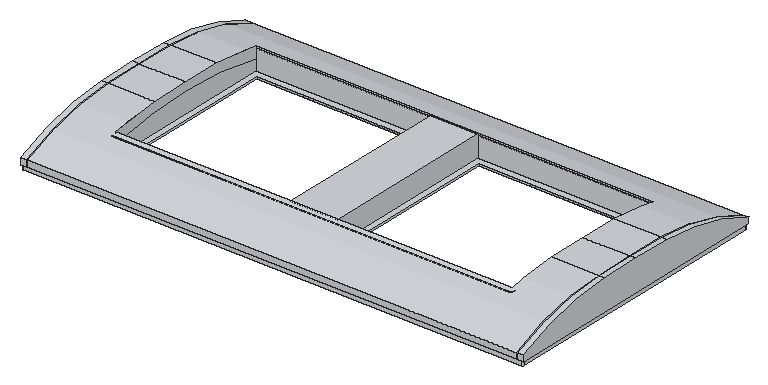
Revit family "Gira_0212763", category Electrical Fixtures, host Face, Revit 2017
Family settings
  Host = Face
  Maintain Annotation Orientation = No
  Round Connector Dimension = Use Diameter
  Part Type = Normal
  Cut with Voids When Loaded = No
  Shared = No
  Room Calculation Point = No
Parameters (values of type "Cov.fr. 2-g interm.fr. PW Gira Event Clear brown")
  With mounting grid = "No"
  With hinged lid = "No"
  URL = "http://katalog.gira.de/en/datenblatt.html?artikelnr=0212763"
  Type of fastening = "Clamp mounting"
  Transparent = "No"
  Surface protection = "Other"
  Surface finishing = "Glossy"
  Suitable for wall duct = "No"
  Suitable for flush-mounted installation = "Yes"
  Suitable for floor box = "No"
  Suitable for built-in installation = "No"
  Number of units vertical = "2"
  Number of units horizontal = "2"
  Number of units = "2"
  Name = "Cov.fr. 2-g interm.fr. PW Gira Event Clear brown"
  Mounting direction = "Horizontal and vertical"
  Material quality = "Thermoplastic"
  Material = "Plastic"
  Manufacturer URL = "https://www.gira.de/"
  Manufacturer = "Gira"
  Label space/information surface = "No"
  Keynote = ""
  HeinzeBIM = "https://bimportal.heinze.de/bim/cov-fr-2-g-interm-fr-pw-gira-event-clear-brown/bd4cec16ffc5d2152c9a732ce9024d697eb2c77d"
  Halogen free = "Yes"
  HAN = "0212763"
  GTIN = "4010337069362"
  Description = "Cov.fr.2g i.fr.PW EvCl BN,Gira Event Clear cover frame,brown with pure white glossy intermediate frame,2-gang,Features:,- Shatter-proof."
  Degree of protection (IP) = "IP20"
  Default Elevation = 1219.2 mm
  Data sheet (1) = "https://katalog.gira.de/en/download.html?artikelnr=0212763"
  Colour = "Brown"
  Category = "Cover frame for domestic switching devices"
  BIM (1) = "https://media.stage.bim.site/public/gira/36a6b08/Event_Rahmen_2fach.rfa"
  Available = "No"
Reference planes
  plane 1 "Center (Front/Back)": y = 0
  plane 2: z = 0
  plane 3 "Center (Left/Right)": x = 0
Forms (mm)
  Extrusion 1, solid, detail levels fine
    sketch origin (0, 0, 0.05) x (0, 1, 0) y (0, 0, 1)
      loop
        arc (12.445, 9.683) -> (6.223, 9.833) -> (0, 9.85) r 291.636
        arc (0, 9.85) -> (-6.223, 9.833) -> (-12.445, 9.683) r 291.636
        arc (-12.445, 9.683) -> (-29.14, 7.482) -> (-45, 1.823) r 79.728
        line (-45, 1.823) -> (-45, -0.05) -> (-42.086, -0.05)
        arc (-42.086, -0.05) -> (-21.385, 5.559) -> (0, 7.206) r 114.424
        arc (0, 7.206) -> (21.385, 5.559) -> (42.086, -0.05) r 114.424
        line (42.086, -0.05) -> (45, -0.05) -> (45, 1.823)
        arc (45, 1.823) -> (29.14, 7.482) -> (12.445, 9.683) r 79.728
    from -78.55 to 78.55
  Extrusion 2, void, detail levels fine
    sketch origin (0, 0, 0) x (1, 0, 0) y (0, 1, 0)
      loop
        line (-63.55, -27.937) -> (63.55, -27.937) -> (63.55, 28.063) -> (-63.55, 28.063) -> (-63.55, -27.937)
    from 0.724 to 11
  Extrusion 3, solid, detail levels coarse
    sketch origin (0, 0, 0) x (1, 0, 0) y (0, 1, 0)
      loop
        line (-80.55, 45) -> (-80.55, -45) -> (80.55, -45) -> (80.55, 45) -> (-80.55, 45)
    from -1.5 to 9.9
  Extrusion 4, solid, detail levels medium
    sketch origin (0, 0, 0.05) x (0, 1, 0) y (0, 0, 1)
      loop
        arc (12.445, 9.683) -> (6.223, 9.833) -> (0, 9.85) r 291.636
        arc (0, 9.85) -> (-6.223, 9.833) -> (-12.445, 9.683) r 291.636
        arc (-12.445, 9.683) -> (-29.14, 7.482) -> (-45, 1.823) r 79.728
        line (-45, 1.823) -> (-45, -0.05) -> (45, -0.05) -> (45, 1.823)
        arc (45, 1.823) -> (29.14, 7.482) -> (12.445, 9.683) r 79.728
    from -80.55 to 80.55
  Extrusion 5, solid, detail levels fine
    sketch origin (-35.55, 0, -1.5) x (0, 1, 0) y (0, 0, -1)
      loop
        line (45, -3.373) -> (45, -1.5) -> (-45, -1.5) -> (-45, -3.373)
        arc (-45, -3.373) -> (-29.14, -9.032) -> (-12.445, -11.233) r 79.728
        arc (-12.445, -11.233) -> (-6.223, -11.383) -> (0, -11.4) r 291.636
        arc (0, -11.4) -> (6.223, -11.383) -> (12.445, -11.233) r 291.636
        arc (12.445, -11.233) -> (29.14, -9.032) -> (45, -3.373) r 79.728
    from 43 to 45
  Extrusion 6, solid, detail levels fine
    sketch origin (0, 0, 0) x (1, 0, 0) y (0, 1, 0)
      loop
        line (-61.45, 25.7) -> (-61.45, -25.7) -> (-9.65, -25.7) -> (-9.65, 25.7) -> (-61.45, 25.7)
      loop
        line (61.45, -25.7) -> (61.45, 25.7) -> (9.65, 25.7) -> (9.65, -25.7) -> (61.45, -25.7)
      loop
        line (-64.445, 28.49) -> (-64.445, -28.495)
        spline (-64.445, -28.495) -> (-64.436, -28.625) -> (-64.411, -28.754) -> (-64.369, -28.878) -> (-64.311, -28.995) -> (-64.238, -29.104) -> (-64.152, -29.202) -> (-64.054, -29.288) -> (-63.945, -29.361) -> (-63.828, -29.419) -> (-63.704, -29.461) -> (-63.575, -29.486) -> (-63.445, -29.495)
        line (-63.445, -29.495) -> (63.445, -29.495)
        spline (63.445, -29.495) -> (63.575, -29.486) -> (63.704, -29.461) -> (63.828, -29.419) -> (63.945, -29.361) -> (64.054, -29.288) -> (64.152, -29.202) -> (64.238, -29.104) -> (64.311, -28.995) -> (64.369, -28.878) -> (64.411, -28.754) -> (64.436, -28.625) -> (64.445, -28.495)
        line (64.445, -28.495) -> (64.445, 28.49)
        spline (64.445, 28.49) -> (64.436, 28.62) -> (64.411, 28.748) -> (64.369, 28.872) -> (64.311, 28.99) -> (64.238, 29.098) -> (64.152, 29.197) -> (64.054, 29.283) -> (63.945, 29.356) -> (63.828, 29.413) -> (63.704, 29.456) -> (63.575, 29.481) -> (63.445, 29.49)
        line (63.445, 29.49) -> (-63.445, 29.49)
        spline (-63.445, 29.49) -> (-63.575, 29.481) -> (-63.704, 29.456) -> (-63.828, 29.413) -> (-63.945, 29.356) -> (-64.054, 29.283) -> (-64.152, 29.197) -> (-64.238, 29.098) -> (-64.311, 28.99) -> (-64.369, 28.872) -> (-64.411, 28.748) -> (-64.436, 28.62) -> (-64.445, 28.49)
    from 0.1 to 7.3
  Extrusion 7, solid
    sketch origin (0, 0, 0) x (1, 0, 0) y (0, 1, 0)
      loop
        arc (-80.25, -44.2) -> (-80.104, -44.554) -> (-79.75, -44.7) r 0.5
        line (-79.75, -44.7) -> (79.75, -44.7)
        arc (79.75, -44.7) -> (80.104, -44.554) -> (80.25, -44.2) r 0.5
        line (80.25, -44.2) -> (80.25, 44.2)
        arc (80.25, 44.2) -> (80.104, 44.554) -> (79.75, 44.7) r 0.5
        line (79.75, 44.7) -> (-79.75, 44.7)
        arc (-79.75, 44.7) -> (-80.104, 44.554) -> (-80.25, 44.2) r 0.5
        line (-80.25, 44.2) -> (-80.25, -44.2)
      loop
        line (-78.55, 43) -> (-78.55, -43) -> (78.55, -43) -> (78.55, 43) -> (-78.55, 43)
    from -1.5 to 0.5
  Extrusion 8, solid, detail levels fine
    sketch origin (35.55, 0, -1.5) x (0, 1, 0) y (0, 0, 1)
      loop
        arc (45, 3.373) -> (29.14, 9.032) -> (12.445, 11.233) r 79.728
        arc (12.445, 11.233) -> (6.223, 11.383) -> (0, 11.4) r 291.636
        arc (0, 11.4) -> (-6.223, 11.383) -> (-12.445, 11.233) r 291.636
        arc (-12.445, 11.233) -> (-29.14, 9.032) -> (-45, 3.373) r 79.728
        line (-45, 3.373) -> (-45, 1.5) -> (45, 1.5) -> (45, 3.373)
    from 43 to 45
  Extrusion 9, solid, detail levels medium
    sketch origin (0, 0, 0) x (1, 0, 0) y (0, 1, 0)
      loop
        line (-80.25, -44.7) -> (80.25, -44.7) -> (80.25, 44.7) -> (-80.25, 44.7) -> (-80.25, -44.7)
    from -1.5 to 0.5
  Extrusion 10, solid, detail levels fine
    sketch origin (0, 0, 0) x (1, 0, 0) y (0, 1, 0)
      loop
        line (-7.55, 28.063) -> (-7.55, -27.937) -> (7.55, -27.937) -> (7.55, 28.063) -> (-7.55, 28.063)
    from 0.724 to 7.566
Cuts and joins
  Extrusion 2 cuts Extrusion 1
  Extrusion 2 cuts Extrusion 6
Dimensions and locks
  aligned and locked: plane 2 to host face
  aligned and locked: level to host face
